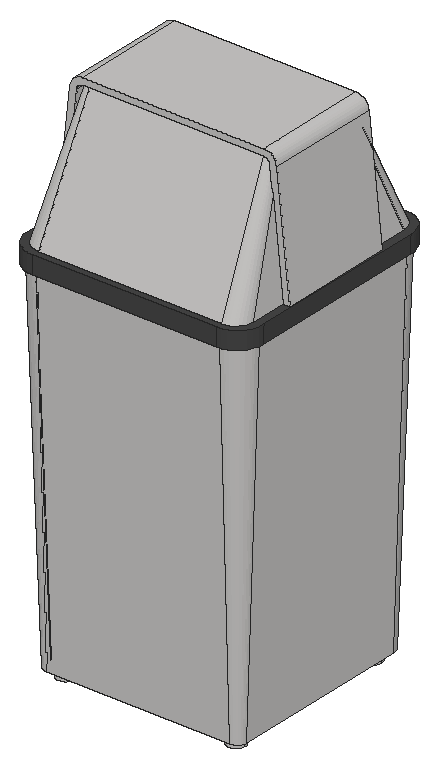
Revit family
Parameters (values of type "B-2250")
  URL = "http://www.bobrick.com"
  Revised Date = "23/08/2013"
  Product URL = "http://www.bobrick.com/washroomaccessories/Pages/ProductDetails.aspx?Product+Number%3DB-2250"
  Phone # = "416-250-5656"
  Model = "B-2250"
  Material = Stainless Steel
  Manufacturer = "Bobrick"
  Designed By = "ATS BIM Team"
  Description = "Satin-finish stainless steel. Top with self-closing doors. Vinyl wall bumper, rubber feet. Hooks for liners. Capacity: 13-gal. (49.2-L). Unit 13 3/8\" x 13 3/8\" (340 x 340mm) at top, 29 1⁄2\" (750mm) high."
  Default Elevation = 0' - 0"
Reference planes (in)
  plane 1 "Center (Front/Back)": y = 0
  plane 2: z = 0
  plane 3 "Center (Left/Right)": x = 0
  plane 4: z = 29.5
  plane 5: z = 22
  plane 6: x = -6.6875
  plane 7: x = 6.6875
  plane 8: y = -13.375
  plane 9: y = -6.6875
  plane 10: through (-5.58632, -180, 27.7002) normal (-0.9945, 0, 0.1045)
Forms (in)
  Sweep 1, solid, material "Stainless Steel" <- "Material"
    path origin (0, 0, 0) x (1, 0, 0) y (0, 1, 0)
      loop
        arc (-5.1875, 0) -> (-6.24816, -0.43934) -> (-6.6875, -1.5) r 1.5
        line (-6.6875, -1.5) -> (-6.6875, -11.875)
        arc (-6.6875, -11.875) -> (-6.24816, -12.93566) -> (-5.1875, -13.375) r 1.5
        line (-5.1875, -13.375) -> (5.1875, -13.375)
        arc (5.1875, -13.375) -> (6.24816, -12.93566) -> (6.6875, -11.875) r 1.5
        line (6.6875, -11.875) -> (6.6875, -1.5)
        arc (6.6875, -1.5) -> (6.24816, -0.43934) -> (5.1875, 0) r 1.5
        line (5.1875, 0) -> (-5.1875, 0)
    profile origin (-6.6875, -6.6875, 0) x (-1, 0, 0) y (0, 0, 1)
      loop
        line (0, 22) -> (-0.62635, 22) -> (-1.3778, 0.48139) -> (-0.96653, 0.48139) -> (-0.25, 21) -> (0, 21) -> (0, 22)
  Extrusion 2, solid, material "Stainless Steel" <- "Material"
    sketch origin (0, -0.12127, 0) x (1, 0, 0) y (0, 0, 1)
      loop
        line (-6.18543, 22) -> (-5.47186, 28.7892)
        arc (-5.47186, 28.7892) -> (-5.34984, 29.02868) -> (-5.09892, 29.125) r 0.375
        line (-5.09892, 29.125) -> (5.09892, 29.125)
        arc (5.09892, 29.125) -> (5.34984, 29.02868) -> (5.47186, 28.7892) r 0.375
        line (5.47186, 28.7892) -> (6.18543, 22) -> (6.5625, 22) -> (5.84481, 28.8284)
        arc (5.84481, 28.8284) -> (5.60076, 29.30736) -> (5.09892, 29.5) r 0.75
        line (5.09892, 29.5) -> (-5.09892, 29.5)
        arc (-5.09892, 29.5) -> (-5.60076, 29.30736) -> (-5.84481, 28.8284) r 0.75
        line (-5.84481, 28.8284) -> (-6.5625, 22) -> (-6.18543, 22)
    from 3.31623 to 9.81623
  Extrusion 3, solid, material "Stainless Steel" <- "Material"
    sketch origin (0, 0, 0) x (1, 0, 0) y (0, 1, 0)
      loop
        arc (-5.4347, -11.875) -> (-5.3623, -12.0498) -> (-5.1875, -12.1222) r 0.2472
        line (-5.1875, -12.1222) -> (5.1875, -12.1222)
        arc (5.1875, -12.1222) -> (5.3623, -12.0498) -> (5.4347, -11.875) r 0.2472
        line (5.4347, -11.875) -> (5.4347, -1.5)
        arc (5.4347, -1.5) -> (5.3623, -1.3252) -> (5.1875, -1.2528) r 0.2472
        line (5.1875, -1.2528) -> (-5.1875, -1.2528)
        arc (-5.1875, -1.2528) -> (-5.3623, -1.3252) -> (-5.4347, -1.5) r 0.2472
        line (-5.4347, -1.5) -> (-5.4347, -11.875)
    from 0.48139 to 0.85639
  Extrusion 4, solid, material "Stainless Steel" <- "Material"
    sketch origin (0, 0, 0) x (1, 0, 0) y (0, 1, 0)
      loop
        circle (-4.8228, -1.8647) r 0.5
      loop
        circle (4.8228, -1.8647) r 0.5
      loop
        circle (-4.8228, -11.5103) r 0.5
      loop
        circle (4.8228, -11.5103) r 0.5
    from 0 to 0.48139
  Blend 5, solid, material "Stainless Steel" <- "Material"
    base sketch origin (0, 0, 0) x (1, 0, 0) y (0, 1, 0)
      loop
        arc (-6.18543, -11.97235) -> (-5.89254, -12.67945) -> (-5.18543, -12.97235) r 1
        line (-5.18543, -12.97235) -> (5.18543, -12.97235)
        arc (5.18543, -12.97235) -> (5.89254, -12.67945) -> (6.18543, -11.97235) r 1
        line (6.18543, -11.97235) -> (6.18543, -1.40265)
        arc (6.18543, -1.40265) -> (5.89254, -0.69555) -> (5.18543, -0.40265) r 1
        line (5.18543, -0.40265) -> (-5.18543, -0.40265)
        arc (-5.18543, -0.40265) -> (-5.89254, -0.69555) -> (-6.18543, -1.40265) r 1
        line (-6.18543, -1.40265) -> (-6.18543, -11.97235)
    top sketch origin (0, 0, 0) x (1, 0, 0) y (0, 1, 0)
      loop
        arc (-4.91903, -3.75) -> (-5.28469, -3.90146) -> (-5.43615, -4.26712) r 0.51712
        line (-5.43615, -4.26712) -> (-5.43615, -9.10788)
        arc (-5.43615, -9.10788) -> (-5.28469, -9.47354) -> (-4.91903, -9.625) r 0.51712
        line (-4.91903, -9.625) -> (4.91903, -9.625)
        arc (4.91903, -9.625) -> (5.28469, -9.47354) -> (5.43615, -9.10788) r 0.51712
        line (5.43615, -9.10788) -> (5.43615, -4.26712)
        arc (5.43615, -4.26712) -> (5.28469, -3.90146) -> (4.91903, -3.75) r 0.51712
        line (4.91903, -3.75) -> (-4.91903, -3.75)
    from 22 to 29.125
Cuts and joins
  joined: Sweep 1, Extrusion 3, Extrusion 4, Blend 5
